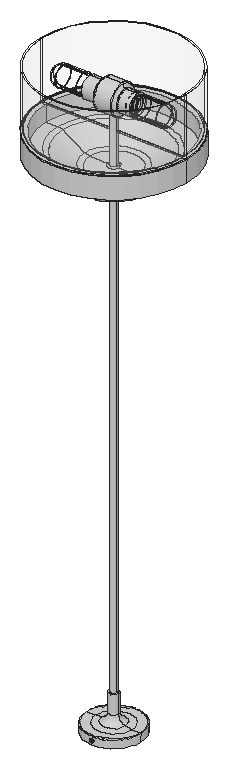
Revit family "Light_Fixture-Pendant-KOHLER-PURIST-K-27265_1", category Lighting Fixtures, host Face, Revit 2017
Family settings
  Host = Face
  Round Connector Dimension = Use Diameter
  Part Type = Normal
  OmniClass Number = 23.35.47.11
  OmniClass Title = Lighting Fixtures
  Cut with Voids When Loaded = No
  Light Source = Yes
  Shared = No
  Room Calculation Point = No
Parameters (values of type "CPL-Polished Chrome")
  Width = 12 153/256"  # constant formula
  Wattage Comments = "60 W"  # constant formula
  Wattage = 60 W
  WaterSense Certified = 1 = 0  # no
  built-in parameter 1150110 = 1 (stored number, unit not read)
  Voltage = 120 V  # constant formula
  URL = "https://www.us.kohler.com/us/"
  Type = 3
  built-in parameter 1114217 = 1 (stored number, unit not read)
  built-in parameter 1150109 = 1 (stored number, unit not read)
  built-in parameter 1150134 = (empty or 0)
  built-in parameter 1150113 = 1 (stored number, unit not read)
  Product Page URL = "http://www.us.kohler.com/us/catalog/productDetails.jsp?productId=27265-PE02"
  Product Name = "Purist"  # constant formula
  Product Documentation Link = "https://www.us.kohler.com/webassets/kpna/catalog/pdf/en/K-27265-PE02_spec_US-CA_Kohler_en.pdf"
  Model = if(Type = 1, "K-27265-PE02-2GL", if(Type = 2, "K-27265-PE02-BLL", if(Type = 3, "K-27265-PE02-CPL", "NA")))  # "K-27265-PE02-CPL"
  Material = "Premium Metal Construction"  # constant formula
  Master Format 2014 Name = "Interior Lighting Fixtures, Lamps, And Ballasts"  # constant formula
  Master Format 2014 = "26 51 13"  # constant formula
  Manufacturer Address = "444 Highland Dr, Kohler, WI 53044"  # constant formula
  Manufacturer = "KOHLER Co."  # constant formula
  built-in parameter 1150105 = 127.34 (stored number, unit not read)
  Lumens = 1600.2 lm
  built-in parameter 1150115 = 1 (stored number, unit not read)
  Light Source Symbol Size = 3"  # constant formula
  built-in parameter 1150137 = (empty or 0)
  built-in parameter 1150139 = (empty or 0)
  Length = 12 153/256"  # constant formula
  built-in parameter 1150112 = 1 (stored number, unit not read)
  built-in parameter 1150114 = 1 (stored number, unit not read)
  Lamp = "E26 Ceramic Socket"  # constant formula
  built-in parameter 1150132 = (empty or 0)
  built-in parameter 1150102 = (empty or 0)
  built-in parameter 1150107 = 3000 (stored number, unit not read)
  built-in parameter 1150138 = (empty or 0)
  built-in parameter 1150106 = 1.2734 (stored number, unit not read)
  Height = 51 87/256"  # constant formula
  Hardware Included = 1 = 1  # yes
  Finish = KOHLER-Metal-CPL-Polished_Chrome
  Environmental Product Declaration = ""
  Emit from Line Length = 2"
  Electrical Note = "One Dedicated Circuit Required"  # constant formula
  Electrical Connector = 1 = 1  # yes
  built-in parameter 1150104 = 2.4777 (stored number, unit not read)
  Dimming Lamp Color Temperature Shift = Incandescent Lamp Curve
  Description = "Two-light Pendant"  # constant formula
  Default Elevation = 0"
  Declare Label = ""
  Date Modified = "04/27/2021"  # constant formula
  Date Created = "04/27/2021"  # constant formula
  Copyright = "Copyright KOHLER Co."  # constant formula
  Contact Us = "https://www.us.kohler.com/us/static/contact.jsp"
  Color Filter = 16777215
  built-in parameter 1114218 = 1 (stored number, unit not read)
  built-in parameter 1150133 = 10 (stored number, unit not read)
  Assembly Code = "D5040.50"
  Apparent Load = 120 V * 0.5 A  # 60 VA
  ADA Compliant = 1 = 0  # no
Types (4): name | Type | Model | Finish
  (no name) | 3 | "K-27265-PE02-CPL" | KOHLER-Metal-CPL-Polished_Chrome
  BLL-Matte Black | 2 | "K-27265-PE02-BLL" | KOHLER-Metal-BLL-Matte_Black
  CPL-Polished Chrome | 3 | "K-27265-PE02-CPL" | KOHLER-Metal-CPL-Polished_Chrome
  2GL-Brushed Modern Brass | 1 | "K-27265-PE02-2GL" | KOHLER-Metal-2GL-Brushed_Modern_Brass
Reference planes (in)
  plane 1 "Center (Front/Back)": y = 0
  plane 2: z = 0
  plane 3 "Center (Left/Right)": x = 0
  plane 4: x = -6.29921
  plane 5: y = 6.29921
  plane 6: y = -6.29844
  plane 7: x = 6.29844
  plane 8: x = 3.34646
  plane 9: x = -3.34646
  plane 10: z = 51.33984
  plane 11: z = 49.02553
  plane 12: z = 42.55906
Dimensions and locks (in)
  "Height": plane 10 to level
  "Width": plane 4 to plane 7
  "Length": plane 6 to plane 5
  plane 10 to plane 12 = 8.78079"
  aligned and locked: plane 2 to host face
  aligned and locked: level to host face
  aligned and locked: plane 3 "Center (Left/Right)" to nested 1
  aligned and locked: plane 1 "Center (Front/Back)" to nested 1
Automatic sketch dimensions
  host sketch curve to host sketch curve = 96"  (x2)
Nested families (in)
  nested 1: "K-27265" at (0, 0, 0), type "K-27265"
Connectors (in)
  electrical at (0, 0, 0), driven by "Voltage", driven by "Apparent Load", driven by "Electrical Connector", driven by "Electrical Note"
    settings: on nested 1, index 1, voltage 120 V, apparent load 60 VA, apparent load phase1 0 VA, apparent load phase2 0 VA, apparent load phase3 0 VA, power factor 1, load classification "Lighting", number of poles 1, system type 30, power factor state 1, is connector primary yes, connector utility yes, sub classification motor no, connector description "One Dedicated Circuit Required"
Definition of nested family "K-27265"
  Parameters (values of type "K-27265")
    Wattage = 9.2903 W
    built-in parameter 1150110 = 1 (stored number, unit not read)
    built-in parameter 1114217 = 1 (stored number, unit not read)
    built-in parameter 1150109 = 1 (stored number, unit not read)
    built-in parameter 1150134 = 3
    built-in parameter 1150113 = 1 (stored number, unit not read)
    Material = none
    built-in parameter 1150105 = 109.82 (stored number, unit not read)
    Lumens = 1380 lm
    built-in parameter 1150115 = 1 (stored number, unit not read)
    Light Source Symbol Size = 3"
    built-in parameter 1150137 = (empty or 0)
    built-in parameter 1150139 = (empty or 0)
    built-in parameter 1150112 = 1 (stored number, unit not read)
    built-in parameter 1150114 = 1 (stored number, unit not read)
    built-in parameter 1150132 = (empty or 0)
    built-in parameter 1150102 = (empty or 0)
    built-in parameter 1150107 = 3200 (stored number, unit not read)
    built-in parameter 1150138 = (empty or 0)
    built-in parameter 1150106 = 1.0982 (stored number, unit not read)
    Emit from Line Length = 2"
    built-in parameter 1150104 = 13.8 (stored number, unit not read)
    Dimming Lamp Color Temperature Shift = (empty or 0)
    Color Filter = 16777215
    built-in parameter 1114218 = 1 (stored number, unit not read)
    built-in parameter 1150133 = 10 (stored number, unit not read)
  Reference planes (in)
    plane 1 "Center (Front/Back)": y = 0
    plane 2: z = 0
    plane 3 "Center (Left/Right)": x = 0
    plane 4: y = 6.29921
    plane 5: y = -6.29921
    plane 6: x = -6.29921
    plane 7: x = 6.29921
    plane 8: z = 51.33858
    plane 9: z = 42.55906
    plane 10: z = 49.02553
    plane 11: x = -3.34646
    plane 12: x = 3.34646
  Forms (in)
    Revolve 1, solid, material <- "Material", detail levels medium+fine
      sketch origin (0, 0, 0) x (1, 0, 0) y (0, 0, 1)
        loop
          line (-6.29921, 46.34049) -> (-6.29921, 44.56883) -> (-5.83319, 44.56883)
          arc (-5.83319, 44.56883) -> (-4.83784, 44.50977) -> (-3.85645, 44.3334) r 8.41624
          arc (-3.85645, 44.3334) -> (-3.20578, 43.91587) -> (-2.95276, 43.18534) r 1.1811
          line (-2.95276, 43.18534) -> (-2.95276, 42.64039)
          arc (-2.95276, 42.64039) -> (-2.92893, 42.58288) -> (-2.87142, 42.55906) r 0.08134
          line (-2.87142, 42.55906) -> (-0.62992, 42.55906) -> (-0.62992, 42.52197)
          arc (-0.62992, 42.52197) -> (-0.462, 42.44285) -> (-0.39369, 42.27025) r 0.25223
          line (-0.39369, 42.27025) -> (-0.39369, 42.14757)
          arc (-0.39369, 42.14757) -> (-0.38793, 42.13365) -> (-0.37401, 42.12789) r 0.01969
          line (-0.37401, 42.12789) -> (-0.24015, 42.12789) -> (-0.24015, 3.08182)
          arc (-0.24015, 3.08182) -> (-0.26719, 3.05918) -> (-0.28902, 3.0315) r 0.17172
          line (-0.28902, 3.0315) -> (-0.3937, 3.0315) -> (-0.3937, 1.49552)
          arc (-0.3937, 1.49552) -> (-0.56028, 1.02033) -> (-0.98711, 0.75317) r 0.76103
          arc (-0.98711, 0.75317) -> (-1.2732, 0.70508) -> (-1.56287, 0.68898) r 2.61398
          line (-1.56287, 0.68898) -> (-2.32283, 0.68898)
          arc (-2.32283, 0.68898) -> (-2.35067, 0.67745) -> (-2.3622, 0.64961) r 0.03937
          line (-2.3622, 0.64961) -> (-2.3622, 0) -> (0, 0) -> (0, 47.84442) -> (-0.24016, 47.84442) -> (-0.24016, 43.76714) -> (-0.39594, 43.76714)
          arc (-0.39594, 43.76714) -> (-0.4513, 43.71178) -> (-0.39594, 43.65642) r 0.05536
          line (-0.39594, 43.65642) -> (-2.10333, 43.65642)
          arc (-2.10333, 43.65642) -> (-2.32653, 43.68601) -> (-2.53431, 43.77274) r 0.85653
          line (-2.53431, 43.77274) -> (-4.39922, 44.85854)
          arc (-4.39922, 44.85854) -> (-4.58498, 44.93608) -> (-4.78452, 44.96253) r 0.76577
          line (-4.78452, 44.96253) -> (-5.83319, 44.96253) -> (-5.83319, 46.34049) -> (-6.29921, 46.34049)
        axis (0, 47.84442) -> (0, 0)
      angle from 0 to 360
    Revolve 2, solid, material <- "Material", detail levels medium+fine
      sketch origin (0, 0, 0) x (1, 0, 0) y (0, 0, 1)
        loop
          line (1.69208, 49.02553) -> (1.69208, 49.51704) -> (1.95918, 49.51704) -> (1.95918, 49.70159) -> (1.69208, 49.70159) -> (1.69208, 49.86546) -> (2.04724, 49.86546) -> (2.04724, 49.91135) -> (1.03019, 49.91135)
          arc (1.03019, 49.91135) -> (0.97272, 49.92221) -> (0.92319, 49.9533) r 0.15743
          arc (0.92319, 49.9533) -> (0.81477, 50.09052) -> (0.75332, 50.25425) r 0.56703
          arc (0.75332, 50.25425) -> (0.73962, 50.2768) -> (0.71476, 50.28564) r 0.03937
          line (0.71476, 50.28564) -> (-0.71476, 50.28564)
          arc (-0.71476, 50.28564) -> (-0.73962, 50.2768) -> (-0.75332, 50.25425) r 0.03937
          arc (-0.75332, 50.25425) -> (-0.81477, 50.09052) -> (-0.92319, 49.9533) r 0.56703
          arc (-0.92319, 49.9533) -> (-0.97272, 49.92221) -> (-1.03019, 49.91135) r 0.15743
          line (-1.03019, 49.91135) -> (-2.04724, 49.91135) -> (-2.04724, 49.86546) -> (-1.69208, 49.86546) -> (-1.69208, 49.70159) -> (-1.95918, 49.70159) -> (-1.95918, 49.51704) -> (-1.69208, 49.51704) -> (-1.69208, 49.02553) -> (1.69208, 49.02553)
        axis (-2.04724, 49.02553) -> (2.04724, 49.02553)
      angle from 0 to 360
    Revolve 3, solid
      sketch origin (0, 0, 0) x (1, 0, 0) y (0, 0, 1)
        loop
          line (0, 46.47828) -> (-6.10193, 46.47828)
          arc (-6.10193, 46.47828) -> (-6.14369, 46.49558) -> (-6.16099, 46.53734) r 0.05906
          line (-6.16099, 46.53734) -> (-6.16099, 51.33858) -> (-6.29921, 51.33858) -> (-6.29921, 46.39954)
          arc (-6.29921, 46.39954) -> (-6.28192, 46.35778) -> (-6.24016, 46.34049) r 0.05906
          line (-6.24016, 46.34049) -> (0, 46.34049) -> (0, 46.47828)
        axis (0, 51.33858) -> (0, 46.34049)
      angle from 0 to 360
    Revolve 4, solid
      sketch origin (0, 0, 0) x (1, 0, 0) y (0, 0, 1)
        loop
          arc (-5.14956, 49.02553) -> (-4.91317, 49.59622) -> (-4.34247, 49.83261) r 0.80709
          line (-4.34247, 49.83261) -> (-2.54932, 49.83261)
          arc (-2.54932, 49.83261) -> (-2.27779, 49.78556) -> (-2.03792, 49.64991) r 0.80709
          line (-2.03792, 49.64991) -> (-2.03792, 49.02553) -> (-1.95918, 49.02553) -> (-1.95918, 49.68614)
          arc (-1.95918, 49.68614) -> (-2.23349, 49.85314) -> (-2.54932, 49.91135) r 0.88583
          line (-2.54932, 49.91135) -> (-4.34247, 49.91135)
          arc (-4.34247, 49.91135) -> (-4.96884, 49.6519) -> (-5.2283, 49.02553) r 0.88583
          line (-5.2283, 49.02553) -> (-5.14956, 49.02553)
        loop
          line (5.14956, 49.02553) -> (5.2283, 49.02553)
          arc (5.2283, 49.02553) -> (4.96884, 49.6519) -> (4.34247, 49.91135) r 0.88583
          line (4.34247, 49.91135) -> (2.54932, 49.91135)
          arc (2.54932, 49.91135) -> (2.23349, 49.85314) -> (1.95918, 49.68614) r 0.88583
          line (1.95918, 49.68614) -> (1.95918, 49.02553) -> (2.03792, 49.02553) -> (2.03792, 49.64991)
          arc (2.03792, 49.64991) -> (2.27779, 49.78556) -> (2.54932, 49.83261) r 0.80709
          line (2.54932, 49.83261) -> (4.34247, 49.83261)
          arc (4.34247, 49.83261) -> (4.91317, 49.59622) -> (5.14956, 49.02553) r 0.80709
        axis (-5.2283, 49.02553) -> (5.2283, 49.02553)
      angle from 0 to 360
    Extrusion 5, void
      sketch origin (0, 0, 0) x (1, 0, 0) y (0, 0, 1)
        loop
          line (-0.10827, 0.34449) -> (-0.10827, 0.28543) -> (-0.04921, 0.28543)
          arc (-0.04921, 0.28543) -> (-0.03529, 0.27967) -> (-0.02953, 0.26575) r 0.01969
          line (-0.02953, 0.26575) -> (-0.02953, 0.20665) -> (0.02953, 0.20665) -> (0.02953, 0.26575)
          arc (0.02953, 0.26575) -> (0.03529, 0.27967) -> (0.04921, 0.28543) r 0.01969
          line (0.04921, 0.28543) -> (0.10827, 0.28543) -> (0.10827, 0.34449) -> (0.04921, 0.34449)
          arc (0.04921, 0.34449) -> (0.03529, 0.35025) -> (0.02953, 0.36417) r 0.01969
          line (0.02953, 0.36417) -> (0.02953, 0.42327) -> (-0.02953, 0.42327) -> (-0.02953, 0.36417)
          arc (-0.02953, 0.36417) -> (-0.03529, 0.35025) -> (-0.04921, 0.34449) r 0.01969
          line (-0.04921, 0.34449) -> (-0.10827, 0.34449)
        loop
          circle (0, 0.31496) r 0.15732
        loop
          circle (0, 0.31496) r 0.16732
      from 2.33196 to 2.40229
    Extrusion 6, void
      sketch origin (0, 0, 0) x (-0.5, 0.866025, 0) y (0, 0, 1)
        loop
          line (-0.10827, 0.34449) -> (-0.10827, 0.28543) -> (-0.04921, 0.28543)
          arc (-0.04921, 0.28543) -> (-0.03529, 0.27967) -> (-0.02953, 0.26575) r 0.01969
          line (-0.02953, 0.26575) -> (-0.02953, 0.20665) -> (0.02953, 0.20665) -> (0.02953, 0.26575)
          arc (0.02953, 0.26575) -> (0.03529, 0.27967) -> (0.04921, 0.28543) r 0.01969
          line (0.04921, 0.28543) -> (0.10827, 0.28543) -> (0.10827, 0.34449) -> (0.04921, 0.34449)
          arc (0.04921, 0.34449) -> (0.03529, 0.35025) -> (0.02953, 0.36417) r 0.01969
          line (0.02953, 0.36417) -> (0.02953, 0.42327) -> (-0.02953, 0.42327) -> (-0.02953, 0.36417)
          arc (-0.02953, 0.36417) -> (-0.03529, 0.35025) -> (-0.04921, 0.34449) r 0.01969
          line (-0.04921, 0.34449) -> (-0.10827, 0.34449)
        loop
          circle (0, 0.31496) r 0.15732
        loop
          circle (0, 0.31496) r 0.16732
      from 2.33196 to 2.40229
    Extrusion 7, void
      sketch origin (0, 0, 0) x (0.5, 0.866025, 0) y (0, 0, -1)
        loop
          line (-0.10827, -0.34449) -> (-0.04921, -0.34449)
          arc (-0.04921, -0.34449) -> (-0.03529, -0.35025) -> (-0.02953, -0.36417) r 0.01969
          line (-0.02953, -0.36417) -> (-0.02953, -0.42327) -> (0.02953, -0.42327) -> (0.02953, -0.36417)
          arc (0.02953, -0.36417) -> (0.03529, -0.35025) -> (0.04921, -0.34449) r 0.01969
          line (0.04921, -0.34449) -> (0.10827, -0.34449) -> (0.10827, -0.28543) -> (0.04921, -0.28543)
          arc (0.04921, -0.28543) -> (0.03529, -0.27967) -> (0.02953, -0.26575) r 0.01969
          line (0.02953, -0.26575) -> (0.02953, -0.20665) -> (-0.02953, -0.20665) -> (-0.02953, -0.26575)
          arc (-0.02953, -0.26575) -> (-0.03529, -0.27967) -> (-0.04921, -0.28543) r 0.01969
          line (-0.04921, -0.28543) -> (-0.10827, -0.28543) -> (-0.10827, -0.34449)
        loop
          circle (0, -0.31496) r 0.15732
        loop
          circle (0, -0.31496) r 0.16732
      from 2.33196 to 2.40229
    Revolve 8, solid, material <- "Material", detail levels coarse
      sketch origin (0, 0, 0) x (1, 0, 0) y (0, 0, 1)
        loop
          line (-6.29921, 46.34049) -> (-6.29921, 44.56883) -> (-2.95276, 44.56883) -> (-2.95276, 42.55906) -> (-0.39369, 42.55906) -> (-0.39369, 0.68898) -> (-2.3622, 0.68898) -> (-2.3622, 0) -> (0, 0) -> (0, 48.52123) -> (-0.24016, 48.52123) -> (-0.24016, 46.34049) -> (-6.29921, 46.34049)
        axis (0, 48.52123) -> (0, 0)
      angle from 0 to 360
    Revolve 9, solid, material <- "Material", detail levels coarse
      sketch origin (0, 0, 0) x (1, 0, 0) y (0, 0, 1)
        loop
          line (-2.04724, 49.91135) -> (-2.04724, 49.02553) -> (2.04724, 49.02553) -> (2.04724, 49.91135) -> (0.96406, 49.91135) -> (0.74823, 50.28518) -> (-0.74823, 50.28518) -> (-0.96406, 49.91135) -> (-2.04724, 49.91135)
        axis (-2.04724, 49.02553) -> (2.04724, 49.02553)
      angle from 0 to 360
  Cuts and joins
    Extrusion 5, Extrusion 6, Extrusion 7 cuts Revolve 1
    Extrusion 6, Extrusion 7 cuts Revolve 2
    joined: Revolve 1, Revolve 2
    joined: Revolve 8, Revolve 9
  Lines and regions (in)
    Masking region 1
      outline origin (0, 0, 0) x (1, 0, 0) y (0, 0, 1)
        loop
          line (-2.87142, 42.55906) -> (-0.62992, 42.55906) -> (-0.62992, 42.52197)
          arc (-0.62992, 42.52197) -> (-0.462, 42.44285) -> (-0.39369, 42.27025) r 0.25223
          line (-0.39369, 42.27025) -> (-0.39369, 42.14757)
          arc (-0.39369, 42.14757) -> (-0.38793, 42.13365) -> (-0.37401, 42.12789) r 0.01969
          line (-0.37401, 42.12789) -> (-0.24015, 42.12789) -> (-0.24015, 3.08182)
          arc (-0.24015, 3.08182) -> (-0.26719, 3.05918) -> (-0.28902, 3.0315) r 0.17172
          line (-0.28902, 3.0315) -> (-0.3937, 3.0315) -> (-0.3937, 1.49552)
          arc (-0.3937, 1.49552) -> (-0.56028, 1.02033) -> (-0.98711, 0.75317) r 0.76103
          arc (-0.98711, 0.75317) -> (-1.2732, 0.70508) -> (-1.56287, 0.68898) r 2.61398
          line (-1.56287, 0.68898) -> (-2.32283, 0.68898)
          arc (-2.32283, 0.68898) -> (-2.35067, 0.67745) -> (-2.3622, 0.64961) r 0.03937
          line (-2.3622, 0.64961) -> (-2.3622, 0) -> (2.3622, 0) -> (2.3622, 0.64961)
          arc (2.3622, 0.64961) -> (2.35067, 0.67745) -> (2.32283, 0.68898) r 0.03937
          line (2.32283, 0.68898) -> (1.56287, 0.68898)
          arc (1.56287, 0.68898) -> (1.2732, 0.70508) -> (0.98711, 0.75317) r 2.61398
          arc (0.98711, 0.75317) -> (0.56028, 1.02033) -> (0.3937, 1.49552) r 0.76103
          line (0.3937, 1.49552) -> (0.3937, 3.0315) -> (0.28902, 3.0315)
          arc (0.28902, 3.0315) -> (0.26719, 3.05918) -> (0.24015, 3.08182) r 0.17172
          line (0.24015, 3.08182) -> (0.24015, 42.12789) -> (0.37401, 42.12789)
          arc (0.37401, 42.12789) -> (0.38793, 42.13365) -> (0.39369, 42.14757) r 0.01969
          line (0.39369, 42.14757) -> (0.39369, 42.27025)
          arc (0.39369, 42.27025) -> (0.462, 42.44285) -> (0.62992, 42.52197) r 0.25223
          line (0.62992, 42.52197) -> (0.62992, 42.55906) -> (2.87142, 42.55906)
          arc (2.87142, 42.55906) -> (2.92893, 42.58288) -> (2.95276, 42.64039) r 0.08134
          line (2.95276, 42.64039) -> (2.95276, 43.18534)
          arc (2.95276, 43.18534) -> (3.20578, 43.91587) -> (3.85645, 44.3334) r 1.1811
          arc (3.85645, 44.3334) -> (4.83784, 44.50977) -> (5.83319, 44.56883) r 8.41624
          line (5.83319, 44.56883) -> (6.29921, 44.56883) -> (6.29921, 51.33858) -> (-6.29921, 51.33858) -> (-6.29921, 44.56883) -> (-5.83319, 44.56883)
          arc (-5.83319, 44.56883) -> (-4.83784, 44.50977) -> (-3.85645, 44.3334) r 8.41624
          arc (-3.85645, 44.3334) -> (-3.20578, 43.91587) -> (-2.95276, 43.18534) r 1.1811
          line (-2.95276, 43.18534) -> (-2.95276, 42.64039)
          arc (-2.95276, 42.64039) -> (-2.92893, 42.58288) -> (-2.87142, 42.55906) r 0.08134
    Masking region 2
      outline origin (0, 0, 0) x (0, 1, 0) y (0, 0, 1)
        loop
          arc (2.87142, 42.55906) -> (2.92893, 42.58288) -> (2.95276, 42.64039) r 0.08134
          line (2.95276, 42.64039) -> (2.95276, 43.18534)
          arc (2.95276, 43.18534) -> (3.20578, 43.91587) -> (3.85645, 44.3334) r 1.1811
          arc (3.85645, 44.3334) -> (4.83784, 44.50977) -> (5.83319, 44.56883) r 8.41624
          line (5.83319, 44.56883) -> (6.29921, 44.56883) -> (6.29921, 51.33858) -> (-6.29921, 51.33858) -> (-6.29921, 44.56883) -> (-5.83319, 44.56883)
          arc (-5.83319, 44.56883) -> (-4.83784, 44.50977) -> (-3.85645, 44.3334) r 8.41624
          arc (-3.85645, 44.3334) -> (-3.20578, 43.91587) -> (-2.95276, 43.18534) r 1.1811
          line (-2.95276, 43.18534) -> (-2.95276, 42.64039)
          arc (-2.95276, 42.64039) -> (-2.92893, 42.58288) -> (-2.87142, 42.55906) r 0.08134
          line (-2.87142, 42.55906) -> (-0.62992, 42.55906) -> (-0.62992, 42.52197)
          arc (-0.62992, 42.52197) -> (-0.462, 42.44285) -> (-0.39369, 42.27025) r 0.25223
          line (-0.39369, 42.27025) -> (-0.39369, 42.14757)
          arc (-0.39369, 42.14757) -> (-0.38793, 42.13365) -> (-0.37401, 42.12789) r 0.01969
          line (-0.37401, 42.12789) -> (-0.24015, 42.12789) -> (-0.24015, 3.08182)
          arc (-0.24015, 3.08182) -> (-0.26719, 3.05918) -> (-0.28902, 3.0315) r 0.17172
          line (-0.28902, 3.0315) -> (-0.3937, 3.0315) -> (-0.3937, 1.49552)
          arc (-0.3937, 1.49552) -> (-0.56028, 1.02033) -> (-0.98711, 0.75317) r 0.76103
          arc (-0.98711, 0.75317) -> (-1.2732, 0.70508) -> (-1.56287, 0.68898) r 2.61398
          line (-1.56287, 0.68898) -> (-2.32283, 0.68898)
          arc (-2.32283, 0.68898) -> (-2.35067, 0.67745) -> (-2.3622, 0.64961) r 0.03937
          line (-2.3622, 0.64961) -> (-2.3622, 0) -> (2.3622, 0) -> (2.3622, 0.64961)
          arc (2.3622, 0.64961) -> (2.35067, 0.67745) -> (2.32283, 0.68898) r 0.03937
          line (2.32283, 0.68898) -> (1.56287, 0.68898)
          arc (1.56287, 0.68898) -> (1.2732, 0.70508) -> (0.98711, 0.75317) r 2.61398
          arc (0.98711, 0.75317) -> (0.56028, 1.02033) -> (0.3937, 1.49552) r 0.76103
          line (0.3937, 1.49552) -> (0.3937, 3.0315) -> (0.28902, 3.0315)
          arc (0.28902, 3.0315) -> (0.26719, 3.05918) -> (0.24015, 3.08182) r 0.17172
          line (0.24015, 3.08182) -> (0.24015, 42.12789) -> (0.37401, 42.12789)
          arc (0.37401, 42.12789) -> (0.38793, 42.13365) -> (0.39369, 42.14757) r 0.01969
          line (0.39369, 42.14757) -> (0.39369, 42.27025)
          arc (0.39369, 42.27025) -> (0.462, 42.44285) -> (0.62992, 42.52197) r 0.25223
          line (0.62992, 42.52197) -> (0.62992, 42.55906) -> (2.87142, 42.55906)
    Masking region 3
      outline origin (0, 0, 0.74803) x (-1, 0, 0) y (0, -1, 0)
        loop
          circle (0, 0) r 6.29921
    symbolic lines, detail levels medium+fine
      curve 1: line (-5.83319, 0, 44.56883) -> (5.83319, 0, 44.56883)
      curve 2: line (-6.29921, 0, 46.34049) -> (6.29921, 0, 46.34049)
      curve 3: line (0.62992, 0, 42.52197) -> (-0.62992, 0, 42.52197)
      curve 4: line (-0.24015, 0, 42.12789) -> (0.24015, 0, 42.12789)
      curve 5: line (-0.62992, 0, 42.55906) -> (0.62992, 0, 42.55906)
      curve 6: line (-0.24015, 0, 3.08182) -> (0.24015, 0, 3.08182)
      curve 7: line (-0.28902, 0, 3.0315) -> (0.28902, 0, 3.0315)
      curve 8: line (-1.56287, 0, 0.68898) -> (1.56287, 0, 0.68898)
      curve 9: circle (0, 0, 0.31496) r 0.15732 normal (0, 1, 0)
      curve 10: line (0.10827, 0, 0.28543) -> (0.04921, 0, 0.28543)
      curve 11: spline (0.04921, 0, 0.28543) -> (0.04664, 0, 0.28526) -> (0.04412, 0, 0.28476) -> (0.04168, 0, 0.28394) -> (0.03937, 0, 0.2828) -> (0.03723, 0, 0.28137) -> (0.03529, 0, 0.27967) -> (0.0336, 0, 0.27773) -> (0.03217, 0, 0.27559) -> (0.03103, 0, 0.27328) -> (0.0302, 0, 0.27084) -> (0.0297, 0, 0.26832) -> (0.02953, 0, 0.26575)
      curve 12: line (0.02953, 0, 0.26571) -> (0.02953, 0, 0.20665)
      curve 13: line (0.02953, 0, 0.20665) -> (-0.02953, 0, 0.20665)
      curve 14: line (-0.02953, 0, 0.20665) -> (-0.02953, 0, 0.26575)
      curve 15: spline (-0.02953, 0, 0.26579) -> (-0.0297, 0, 0.26836) -> (-0.03021, 0, 0.27088) -> (-0.03104, 0, 0.27331) -> (-0.03218, 0, 0.27562) -> (-0.03361, 0, 0.27775) -> (-0.03531, 0, 0.27968) -> (-0.03724, 0, 0.28138) -> (-0.03938, 0, 0.2828) -> (-0.04169, 0, 0.28394) -> (-0.04412, 0, 0.28476) -> (-0.04665, 0, 0.28527) -> (-0.04921, 0, 0.28543)
      curve 16: line (-0.04921, 0, 0.28543) -> (-0.10827, 0, 0.28543)
      curve 17: line (-0.10827, 0, 0.28543) -> (-0.10827, 0, 0.34449)
      curve 18: line (-0.10827, 0, 0.34449) -> (-0.04921, 0, 0.34449)
      curve 19: spline (-0.04921, 0, 0.34449) -> (-0.04664, 0, 0.34466) -> (-0.04412, 0, 0.34516) -> (-0.04168, 0, 0.34599) -> (-0.03937, 0, 0.34712) -> (-0.03723, 0, 0.34856) -> (-0.03529, 0, 0.35025) -> (-0.0336, 0, 0.35219) -> (-0.03217, 0, 0.35433) -> (-0.03103, 0, 0.35664) -> (-0.0302, 0, 0.35908) -> (-0.0297, 0, 0.3616) -> (-0.02953, 0, 0.36417)
      curve 20: line (-0.02953, 0, 0.36422) -> (-0.02953, 0, 0.42327)
      curve 21: line (-0.02953, 0, 0.42327) -> (0.02953, 0, 0.42327)
      curve 22: line (0.02953, 0, 0.42327) -> (0.02953, 0, 0.36417)
      curve 23: spline (0.02953, 0, 0.36413) -> (0.0297, 0, 0.36156) -> (0.03021, 0, 0.35904) -> (0.03104, 0, 0.35661) -> (0.03218, 0, 0.3543) -> (0.03361, 0, 0.35217) -> (0.03531, 0, 0.35024) -> (0.03724, 0, 0.34854) -> (0.03938, 0, 0.34712) -> (0.04169, 0, 0.34598) -> (0.04412, 0, 0.34516) -> (0.04665, 0, 0.34466) -> (0.04921, 0, 0.34449)
      curve 24: line (0.04921, 0, 0.34449) -> (0.10827, 0, 0.34449)
      curve 25: line (0.10827, 0, 0.34449) -> (0.10827, 0, 0.28543)
      curve 26: circle (0, 0, 0.31496) r 0.16732 normal (0, -1, 0)
      curve 27: line (0, -6.29921, 46.34049) -> (0, 6.29921, 46.34049)
      curve 28: line (0, -5.83319, 44.56883) -> (0, 5.83319, 44.56883)
      curve 29: line (0, 0.62992, 42.55906) -> (0, -0.62992, 42.55906)
      curve 30: line (0, -0.62992, 42.52197) -> (0, 0.62992, 42.52197)
      curve 31: line (0, 0.24015, 42.12789) -> (0, -0.24015, 42.12789)
      curve 32: line (0, 0.24015, 3.08182) -> (0, -0.24015, 3.08182)
      curve 33: line (0, -0.28902, 3.0315) -> (0, 0.28902, 3.0315)
      curve 34: line (0, 1.56287, 0.68898) -> (0, -1.56287, 0.68898)
      curve 35: spline (0, 1.32304, 0.31494) -> (0, 1.31812, 0.35825) -> (0, 1.30367, 0.39861) -> (0, 1.28066, 0.43326) -> (0, 1.25066, 0.45986) -> (0, 1.21572, 0.47658) -> (0, 1.17821, 0.48229) -> (0, 1.14071, 0.47659) -> (0, 1.10575, 0.45988) -> (0, 1.07573, 0.43329) -> (0, 1.05268, 0.39864) -> (0, 1.03819, 0.35829) -> (0, 1.03323, 0.31498)
      curve 36: spline (0, 1.03323, 0.31498) -> (0, 1.03818, 0.27167) -> (0, 1.05266, 0.23132) -> (0, 1.0757, 0.19666) -> (0, 1.10572, 0.17006) -> (0, 1.14067, 0.15334) -> (0, 1.17818, 0.14763) -> (0, 1.21568, 0.15333) -> (0, 1.25063, 0.17004) -> (0, 1.28063, 0.19663) -> (0, 1.30365, 0.23128) -> (0, 1.31812, 0.27163) -> (0, 1.32304, 0.31494)
      curve 37: spline (0, 1.31473, 0.31498) -> (0, 1.3101, 0.27426) -> (0, 1.29651, 0.23631) -> (0, 1.27487, 0.20373) -> (0, 1.24666, 0.17872) -> (0, 1.21381, 0.163) -> (0, 1.17855, 0.15763) -> (0, 1.14328, 0.16299) -> (0, 1.11042, 0.1787) -> (0, 1.08219, 0.2037) -> (0, 1.06052, 0.23628) -> (0, 1.04689, 0.27422) -> (0, 1.04223, 0.31494)
      curve 38: spline (0, 1.04223, 0.31494) -> (0, 1.04689, 0.35566) -> (0, 1.06051, 0.39361) -> (0, 1.08217, 0.42619) -> (0, 1.11039, 0.4512) -> (0, 1.14325, 0.46692) -> (0, 1.17852, 0.47229) -> (0, 1.21378, 0.46693) -> (0, 1.24664, 0.45122) -> (0, 1.27485, 0.42622) -> (0, 1.29649, 0.39364) -> (0, 1.31009, 0.3557) -> (0, 1.31473, 0.31498)
      curve 39: line (0, 1.0861, 0.34449) -> (0, 1.0861, 0.28543)
      curve 40: line (0, 1.0861, 0.28543) -> (0, 1.13823, 0.28543)
      curve 41: spline (0, 1.13823, 0.28543) -> (0, 1.14047, 0.28527) -> (0, 1.14268, 0.28476) -> (0, 1.14482, 0.28394) -> (0, 1.14684, 0.2828) -> (0, 1.14871, 0.28138) -> (0, 1.1504, 0.27968) -> (0, 1.15188, 0.27775) -> (0, 1.15313, 0.27562) -> (0, 1.15413, 0.27331) -> (0, 1.15485, 0.27088) -> (0, 1.15529, 0.26836) -> (0, 1.15544, 0.26579)
      curve 42: line (0, 1.15544, 0.26579) -> (0, 1.15544, 0.20665)
      curve 43: line (0, 1.15544, 0.20665) -> (0, 1.20658, 0.20665)
      curve 44: line (0, 1.20658, 0.20665) -> (0, 1.20658, 0.26579)
      curve 45: spline (0, 1.20658, 0.26579) -> (0, 1.20673, 0.26836) -> (0, 1.20717, 0.27088) -> (0, 1.20788, 0.27331) -> (0, 1.20886, 0.27562) -> (0, 1.21008, 0.27775) -> (0, 1.21154, 0.27968) -> (0, 1.2132, 0.28138) -> (0, 1.21503, 0.2828) -> (0, 1.21701, 0.28394) -> (0, 1.2191, 0.28476) -> (0, 1.22126, 0.28527) -> (0, 1.22346, 0.28543)
      curve 46: line (0, 1.2086, 0.28543) -> (0, 1.27362, 0.28543)
      curve 47: line (0, 1.27362, 0.28543) -> (0, 1.27362, 0.34449)
      curve 48: line (0, 1.27362, 0.34449) -> (0, 1.2086, 0.34449)
      curve 49: spline (0, 1.22347, 0.34449) -> (0, 1.22126, 0.34466) -> (0, 1.2191, 0.34516) -> (0, 1.21701, 0.34599) -> (0, 1.21503, 0.34713) -> (0, 1.21319, 0.34857) -> (0, 1.21153, 0.35027) -> (0, 1.21007, 0.35221) -> (0, 1.20885, 0.35436) -> (0, 1.20787, 0.35668) -> (0, 1.20716, 0.35912) -> (0, 1.20673, 0.36165) -> (0, 1.20658, 0.36423)
      curve 50: line (0, 1.20658, 0.36423) -> (0, 1.20658, 0.42327)
      curve 51: line (0, 1.20658, 0.42327) -> (0, 1.15544, 0.42327)
      curve 52: line (0, 1.15544, 0.42327) -> (0, 1.15544, 0.36422)
      curve 53: spline (0, 1.15544, 0.36422) -> (0, 1.1553, 0.36164) -> (0, 1.15486, 0.35911) -> (0, 1.15414, 0.35667) -> (0, 1.15315, 0.35436) -> (0, 1.1519, 0.35221) -> (0, 1.15041, 0.35027) -> (0, 1.14872, 0.34857) -> (0, 1.14685, 0.34713) -> (0, 1.14482, 0.34599) -> (0, 1.14269, 0.34516) -> (0, 1.14048, 0.34466) -> (0, 1.13823, 0.34449)
      curve 54: line (0, 1.13823, 0.34449) -> (0, 1.0861, 0.34449)
      curve 55: line (0, 1.25974, 0.34449) -> (0, 1.25974, 0.28543)
      curve 56: line (0, 1.19155, 0.42327) -> (0, 1.19155, 0.36417)
      curve 57: spline (0, 1.19155, 0.36417) -> (0, 1.1917, 0.3616) -> (0, 1.19213, 0.35908) -> (0, 1.19285, 0.35664) -> (0, 1.19383, 0.35433) -> (0, 1.19507, 0.35219) -> (0, 1.19654, 0.35025) -> (0, 1.19822, 0.34856) -> (0, 1.20007, 0.34713) -> (0, 1.20207, 0.34599) -> (0, 1.20419, 0.34516) -> (0, 1.20637, 0.34466) -> (0, 1.2086, 0.34449)
      curve 58: line (0, 1.19155, 0.26575) -> (0, 1.19155, 0.20665)
      curve 59: spline (0, 1.2086, 0.28543) -> (0, 1.20637, 0.28526) -> (0, 1.20419, 0.28476) -> (0, 1.20207, 0.28393) -> (0, 1.20007, 0.2828) -> (0, 1.19822, 0.28137) -> (0, 1.19654, 0.27967) -> (0, 1.19507, 0.27773) -> (0, 1.19383, 0.27559) -> (0, 1.19285, 0.27328) -> (0, 1.19213, 0.27084) -> (0, 1.1917, 0.26832) -> (0, 1.19155, 0.26575)
      curve 60: circle (0, 0, 0.74803) r 6.16099 normal (0, 0, -1)
      curve 61: line (-2.04724, -0.88583, 0.74803) -> (-2.04724, 0.88583, 0.74803)
      curve 62: line (-2.04724, 0.88583, 0.74803) -> (-1.03019, 0.88583, 0.74803)
      curve 63: line (-0.71476, 1.26012, 0.74803) -> (0.71476, 1.26012, 0.74803)
      curve 64: arc (-0.75332, 1.22873, 0.74803) -> (-0.81477, 1.065, 0.74803) -> (-0.92319, 0.92778, 0.74803) r 0.56703
      curve 65: arc (-0.71476, 1.26012, 0.74803) -> (-0.73962, 1.25128, 0.74803) -> (-0.75332, 1.22873, 0.74803) r 0.03937
      curve 66: arc (-1.03019, 0.88583, 0.74803) -> (-0.97272, 0.89669, 0.74803) -> (-0.92319, 0.92778, 0.74803) r 0.15743
      curve 67: line (2.04724, -0.88583, 0.74803) -> (2.04724, 0.88583, 0.74803)
      curve 68: line (2.04724, 0.88583, 0.74803) -> (1.03019, 0.88583, 0.74803)
      curve 69: arc (0.75332, 1.22873, 0.74803) -> (0.81477, 1.065, 0.74803) -> (0.92319, 0.92778, 0.74803) r 0.56703
      curve 70: arc (0.71476, 1.26012, 0.74803) -> (0.73962, 1.25128, 0.74803) -> (0.75332, 1.22873, 0.74803) r 0.03937
      curve 71: arc (1.03019, 0.88583, 0.74803) -> (0.97272, 0.89669, 0.74803) -> (0.92319, 0.92778, 0.74803) r 0.15743
      curve 72: line (-2.04724, -0.88583, 0.74803) -> (-1.03019, -0.88583, 0.74803)
      curve 73: line (-0.71476, -1.26012, 0.74803) -> (0.71476, -1.26012, 0.74803)
      curve 74: arc (-0.75332, -1.22873, 0.74803) -> (-0.81477, -1.065, 0.74803) -> (-0.92319, -0.92778, 0.74803) r 0.56703
      curve 75: arc (-0.71476, -1.26012, 0.74803) -> (-0.73962, -1.25128, 0.74803) -> (-0.75332, -1.22873, 0.74803) r 0.03937
      curve 76: arc (-1.03019, -0.88583, 0.74803) -> (-0.97272, -0.89669, 0.74803) -> (-0.92319, -0.92778, 0.74803) r 0.15743
      curve 77: line (2.04724, -0.88583, 0.74803) -> (1.03019, -0.88583, 0.74803)
      curve 78: arc (0.75332, -1.22873, 0.74803) -> (0.81477, -1.065, 0.74803) -> (0.92319, -0.92778, 0.74803) r 0.56703
      curve 79: arc (0.71476, -1.26012, 0.74803) -> (0.73962, -1.25128, 0.74803) -> (0.75332, -1.22873, 0.74803) r 0.03937
      curve 80: arc (1.03019, -0.88583, 0.74803) -> (0.97272, -0.89669, 0.74803) -> (0.92319, -0.92778, 0.74803) r 0.15743
      curve 81: line (-1.03019, 0.88583, 0.74803) -> (-1.03019, -0.88583, 0.74803)
      curve 82: line (1.03019, 0.88583, 0.74803) -> (1.03019, -0.88583, 0.74803)
      curve 83: line (-0.71476, 1.26012, 0.74803) -> (-0.71476, -1.26012, 0.74803)
      curve 84: line (0.71476, 1.26012, 0.74803) -> (0.71476, -1.26012, 0.74803)
      curve 85: line (-4.34247, 0.88583, 0.74803) -> (-2.54932, 0.88583, 0.74803)
      curve 86: arc (-4.34247, -0.88583, 0.74803) -> (-5.2283, 0, 0.74803) -> (-4.34247, 0.88583, 0.74803) r 0.88583
      curve 87: arc (-2.04724, 0.7298, 0.74803) -> (-2.28644, 0.84592, 0.74803) -> (-2.54932, 0.88583, 0.74803) r 0.88583
      curve 88: line (4.34247, 0.88583, 0.74803) -> (2.54932, 0.88583, 0.74803)
      curve 89: arc (4.34247, -0.88583, 0.74803) -> (5.2283, 0, 0.74803) -> (4.34247, 0.88583, 0.74803) r 0.88583
      curve 90: arc (2.04724, 0.7298, 0.74803) -> (2.28644, 0.84592, 0.74803) -> (2.54932, 0.88583, 0.74803) r 0.88583
      curve 91: line (-4.34247, -0.88583, 0.74803) -> (-2.54932, -0.88583, 0.74803)
      curve 92: arc (-2.04724, -0.7298, 0.74803) -> (-2.28644, -0.84592, 0.74803) -> (-2.54932, -0.88583, 0.74803) r 0.88583
      curve 93: line (4.34247, -0.88583, 0.74803) -> (2.54932, -0.88583, 0.74803)
      curve 94: arc (2.04724, -0.7298, 0.74803) -> (2.28644, -0.84592, 0.74803) -> (2.54932, -0.88583, 0.74803) r 0.88583
      curve 95: circle (0, 0, 0.74803) r 5.83319 normal (0, 0, -1)
  Dimensions and locks (in)
    locked: plane 8 to level at 51.33858
    locked: plane 8 to plane 9 at 8.77953
    aligned and locked: plane 2 to level
